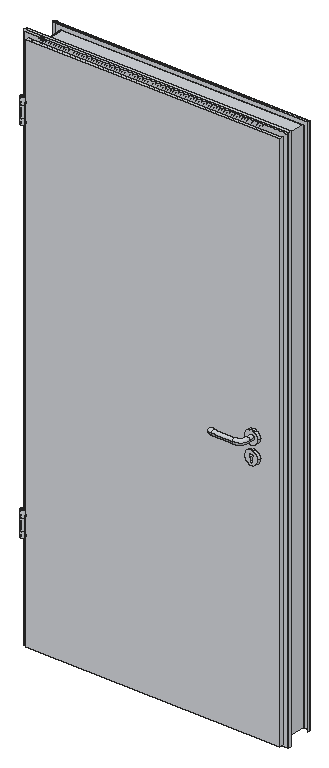
Revit family "BOS-Eckzarge-15ZUud_Familie", category Türen, Revit 2017 (continued)
Definition of nested family "BOS-Band-VX_Modell"
  Automatic sketch dimensions
    Extrusion 13 sketch curve to Extrusion 13 sketch curve = 0 mm  (x6)
    curve 1 to Extrusion 13 sketch curve = 0 mm  (x2)
    curve 1 to Extrusion 13 sketch curve = 46.34 mm
    Extrusion 13 sketch curve to Extrusion 13 sketch curve = 3.031 mm  (x2)
    Extrusion 13 sketch curve to Extrusion 13 sketch curve = 5.75 mm
    Extrusion 13 sketch curve to Extrusion 13 sketch curve = 1.346 mm
    Extrusion 13 sketch curve to Extrusion 13 sketch curve = 0.548 mm
    Extrusion 13 sketch curve to Extrusion 13 sketch curve = 1.017 mm
    Extrusion 13 sketch curve to Extrusion 13 sketch curve = 3.25 mm
    Extrusion 13 sketch curve to Extrusion 13 sketch curve = 1.75 mm
    radius of Sweep 1 sketch curve = 6.5 mm
Definition of nested family "BOS-BOS_Modell"
  Parameters (values of type "BOS-BOS_Modell")
    Abstand = 22 mm
  Reference planes
    plane 1 "Mitte (Vorne/hinten)": y = 0
    plane 2: z = 0
    plane 3 "Mitte (Links/rechts)": x = 0
    plane 4 "BOS": x = -22
  Dimensions and locks
    "Abstand": plane 4 "BOS" to plane 3 "Mitte (Links/rechts)"
    aligned and locked: level to plane 2
    aligned and locked: plane 1 "Mitte (Vorne/hinten)" to text3d elem
    aligned and locked: text3d elem to level
Definition of nested family "BOS-Nivellieranker_Detail"
  Parameters (values of type "BOS-Nivellieranker_Detail")
    Unterfütterungsstärke = 0 mm
    URL = "www.BestOfSteel.de"
    Stumpf-Gefälzt = if(Gefälzt, 28 mm, 46 mm)  # 28 mm
    Stumpf = no
    Schraubenabstand vorne = 17 mm
    Schraubenabstand hinten = 21 mm
    Rechtliche Hinweise = "www.BestOfSteel.de/tools-downloads/bim-building-information-modeling/"
    Putzwinkel vorne = 15 mm
    Nivellierankerlänge = if(GT Gesamttiefe > 119 mm, 80 mm + (Ankergröße * 25 mm), 87 mm)  # 205 mm
    MW Maulweite = 200 mm
    Manufacturer = "BOS GmbH Best Of Steel, Lütkenfelde 4, D-48282 Emsdetten"
    Gefälzt = yes
    GT Gesamttiefe = 230 mm
    Falzaufschlag gesamt = 15 mm
    Einfügepunkt = 22 mm
    Blechstärke = 1.5 mm
    Description = "Nivellieranker"
    Keynote = "BOS Detail"
    BOS-Architekten-Beratung = "Tel.: +49 (0) 2572 203-203; E-Mail: architekten@BestOfSteel.de\r\nTel.: +49 (0) 2572 203-203, Fax -209; E-Mail: architekten@BestOfSteel.de\r\nTel.: +49 (0) 2572 203-203, Fax -209; E-Mail: architekten@BestOfSteel.de"
    Ankergröße = rounddown((GT Gesamttiefe - 95 mm) / 25 mm)  # 5
    Technische Infos rund um die Stahlzarge = "www.BestOfSteel.de/tools-downloads/technische-infos-rund-um-die-stahlzarge/"
    Abstand vorne = 0 mm
    Abstand hinten = 0 mm
  Reference planes
    plane 1: z = 0
    plane 2: x = 0
    plane 3: x = 35.5
    plane 4: y = 193.247
    plane 5: y = 3.247
    plane 6: y = 16.747
    plane 7: y = 216.747
    plane 8: x = 20.5
    plane 9: y = 1.747
    plane 10: x = 37
    plane 11: x = 22
    plane 12: y = 48.247
    plane 13: y = 187.247
    plane 14: y = 208.247
    plane 15: y = 3.247
    plane 16: x = 8.5
    plane 17: y = 31.247
    plane 18: x = 2
    plane 19: y = 52.247
    plane 20: y = 44.247
    plane 21: y = 183.247
    plane 22: y = 191.247
    plane 23: x = 33.5
    plane 24: x = 0
    plane 25: y = 109.247
  Lines and regions (mm)
    detail lines, in view "Ref.-Ebene", not visible
      curve 1: arc (191, 231, 0) -> (192, 230, 0) -> (193, 231, 0) r 1
      curve 2: arc (193, 244, 0) -> (192, 245, 0) -> (191, 244, 0) r 1
      curve 3: line (193, 231, 0) -> (193, 244, 0)
      curve 4: line (191, 244, 0) -> (191, 231, 0)
      curve 11: line (234.876, 339.411, 0) -> (233.447, 342.424, 0)
      curve 12: line (233.447, 342.424, 0) -> (235.255, 343.281, 0)
      curve 13: line (235.255, 343.281, 0) -> (236.876, 339.862, 0)
      curve 14: line (236.876, 327.281, 0) -> (238.976, 327.281, 0)
      curve 15: line (238.976, 327.281, 0) -> (238.976, 328.281, 0)
      curve 16: line (236.876, 343.285, 0) -> (236.876, 327.281, 0)
    reference lines, in view "Ref.-Ebene", not visible
      curve 5: line (187.644, 237.5, 0) -> (197.644, 237.5, 0)
      curve 30: line (234.876, 339.411, 0) -> (234.876, 327.411, 0)
      curve 31: line (236.876, 343.285, 0) -> (241.876, 343.285, 0)
    detail lines, in view "Ref.-Ebene"
      curve 6: arc (0, 180.747, 0) -> (1, 179.747, 0) -> (2, 180.747, 0) r 1
      curve 7: arc (2, 193.747, 0) -> (1, 194.747, 0) -> (0, 193.747, 0) r 1
      curve 8: line (2, 180.747, 0) -> (2, 193.747, 0)
      curve 9: line (0, 193.747, 0) -> (0, 180.747, 0)
      curve 17: arc (0, 41.747, 0) -> (1, 40.747, 0) -> (2, 41.747, 0) r 1
      curve 18: arc (2, 54.747, 0) -> (1, 55.747, 0) -> (0, 54.747, 0) r 1
      curve 19: line (2, 41.747, 0) -> (2, 54.747, 0)
      curve 20: line (0, 54.747, 0) -> (0, 41.747, 0)
      curve 22: line (8.5, 204.373, 0) -> (7.072, 207.386, 0)
      curve 23: line (7.072, 207.386, 0) -> (8.879, 208.243, 0)
      curve 24: line (8.879, 208.243, 0) -> (10.5, 204.823, 0)
      curve 25: line (10.5, 192.243, 0) -> (12.6, 192.243, 0)
      curve 26: line (12.6, 192.243, 0) -> (12.6, 193.243, 0)
      curve 27: line (10.5, 208.247, 0) -> (10.5, 192.243, 0)
      curve 32: line (2, 191.247, 0) -> (8.5, 191.247, 0)
      curve 33: line (2, 183.247, 0) -> (8.5, 183.247, 0)
      curve 34: line (8.5, 52.247, 0) -> (2, 52.247, 0)
      curve 35: line (2, 44.247, 0) -> (8.5, 44.247, 0)
      curve 36: arc (18.158, 31.008, 0) -> (17.681, 31.374, 0) -> (17.5, 31.947, 0) r 1
      curve 37: arc (17.474, 29.128, 0) -> (16.043, 30.227, 0) -> (15.5, 31.947, 0) r 3
      curve 38: arc (18.526, 30.874, 0) -> (19.957, 29.775, 0) -> (20.5, 28.055, 0) r 3
      curve 39: arc (17.842, 28.994, 0) -> (18.319, 28.628, 0) -> (18.5, 28.055, 0) r 1
      curve 40: line (17.5, 31.947, 0) -> (17.5, 193.247, 0)
      curve 41: line (20.5, 28.055, 0) -> (20.5, 5.247, 0)
      curve 42: line (20.5, 5.247, 0) -> (10.5, 5.247, 0)
      curve 43: line (10.5, 5.247, 0) -> (10.5, 3.247, 0)
      curve 44: line (10.5, 3.247, 0) -> (8.5, 3.247, 0)
      curve 45: line (8.5, 3.247, 0) -> (8.5, 204.377, 0)
      curve 46: line (15.5, 193.247, 0) -> (15.5, 31.947, 0)
      curve 47: line (18.5, 5.247, 0) -> (18.5, 28.055, 0)
      curve 48: line (18.526, 30.874, 0) -> (18.158, 31.008, 0)
      curve 49: line (17.842, 28.994, 0) -> (17.474, 29.128, 0)
      curve 50: line (10.5, 208.247, 0) -> (35.5, 208.247, 0)
      curve 51: line (35.5, 193.247, 0) -> (10.5, 193.247, 0)
      curve 52: line (35.5, 208.247, 0) -> (35.5, 193.247, 0)
      curve 53: line (33.5, 193.247, 0) -> (33.5, 208.247, 0)
    reference lines, in view "Ref.-Ebene"
      curve 10: line (-3.356, 187.247, 0) -> (6.644, 187.247, 0)
      curve 21: line (-3.356, 48.247, 0) -> (6.644, 48.247, 0)
      curve 28: line (8.5, 204.373, 0) -> (8.5, 192.373, 0)
      curve 29: line (10.5, 208.247, 0) -> (15.5, 208.247, 0)
  Dimensions and locks
    "Blechstärke": plane 5 to plane 9
    "Putzwinkel vorne": plane 6 to plane 9
    "Blechstärke": plane 8 to plane 11
    "Einfügepunkt": plane 2 to plane 11
    "Blechstärke": plane 3 to plane 10
    "Falzaufschlag gesamt": plane 11 to plane 10
    locked: plane 4 to plane 14 at 15
    "Abstand vorne": plane 15 to plane 5
    plane 16 to plane 8 = 12 mm
    "Stumpf-Gefälzt": plane 17 to plane 15
    plane 19 to plane 20 = 8 mm
    locked: plane 21 to plane 22 at 8
    equal spacing: plane 19, plane 12, plane 20
    equal spacing: plane 21, plane 13, plane 22
    plane 23 to plane 3 = 2 mm
    "Schraubenabstand hinten": plane 14 to plane 13
    "Nivellierankerlänge": plane 14 to plane 15
    "Schraubenabstand vorne": plane 12 to plane 17
    plane 24 to plane 18 = 2 mm
    "Unterfütterungsstärke": plane 2 to plane 24
    equal spacing: plane 9, plane 25, plane 7
    "MW Maulweite": plane 6 to plane 7
    aligned and locked: curve 21 to plane 12
    aligned and locked: curve 10 to plane 13
    aligned and locked: plane 16 to curve 28
    aligned and locked: curve 29 to plane 14
    aligned and locked: plane 24 to curve 20
    aligned and locked: plane 24 to curve 9
  Automatic sketch dimensions
    curve 1 to curve 1 = 1 mm
    curve 1 to curve 3 = 13 mm
    curve 5 to curve 5 = 10 mm
    curve 6 to curve 6 = 1 mm
    curve 6 to curve 8 = 13 mm
    curve 10 to curve 10 = 10 mm
    curve 17 to curve 17 = 1 mm
    curve 17 to curve 19 = 13 mm
    curve 21 to curve 21 = 10 mm
    curve 22 to curve 23 = 1.807 mm
    curve 22 to curve 27 = 3.428 mm
    curve 25 to curve 26 = 2.1 mm
    curve 25 to curve 23 = 15.143 mm
    curve 22 to curve 23 = 0.857 mm
    curve 22 to curve 24 = 2 mm
    curve 25 to curve 26 = 1 mm
    curve 23 to curve 27 = 0.004 mm
    curve 11 to curve 12 = 1.807 mm
    curve 11 to curve 16 = 3.428 mm
    curve 14 to curve 15 = 2.1 mm
    curve 14 to curve 12 = 15.143 mm
    curve 11 to curve 12 = 0.857 mm
    curve 11 to curve 13 = 2 mm
    curve 14 to curve 15 = 1 mm
    curve 12 to curve 16 = 0.004 mm
    curve 28 to curve 29 = 2 mm
    curve 29 to curve 29 = 5 mm
    curve 28 to curve 28 = 12 mm
    curve 28 to curve 29 = 3.874 mm
    curve 30 to curve 31 = 2 mm
    curve 31 to curve 31 = 5 mm
    curve 30 to curve 30 = 12 mm
    curve 30 to curve 31 = 3.874 mm
    curve 35 to plane 18 = 0 mm
    curve 34 to plane 18 = 0 mm
    curve 33 to plane 18 = 0 mm
    curve 32 to plane 18 = 0 mm
    curve 33 to plane 16 = 0 mm
    curve 35 to plane 20 = 0 mm
    curve 34 to plane 19 = 0 mm
    curve 33 to plane 21 = 0 mm
    plane 22 to curve 32 = 0 mm
    curve 36 to curve 37 = 0 mm  (x2)
    curve 38 to curve 39 = 0 mm  (x2)
    curve 43 to plane 15 = 0 mm
    curve 40 to plane 4 = 0 mm
    curve 38 to plane 8 = 0 mm
    curve 53 to plane 23 = 0 mm
    curve 51 to plane 3 = 0 mm
    curve 53 to plane 14 = 0 mm
    plane 8 to curve 39 = 3 mm
    plane 17 to curve 36 = 0.7 mm
    plane 8 to curve 36 = 2 mm
    curve 39 to plane 17 = 3.193 mm
    curve 50 to plane 16 = 2 mm
    curve 44 to curve 44 = 2 mm
    curve 51 to plane 16 = 2 mm
    curve 51 to curve 46 = 5 mm
    curve 49 to curve 38 = 0.026 mm
    curve 46 to curve 40 = 2 mm
    curve 49 to curve 39 = 0.368 mm
    curve 48 to plane 17 = 0.239 mm
    plane 8 to curve 47 = 2 mm
    curve 38 to plane 17 = 0.373 mm
    plane 15 to curve 42 = 2 mm
    curve 45 to plane 14 = 3.87 mm
Definition of nested family "BOS-Info-Texte_Beschriftung"
  Parameters (values of type "Drehpunkt Warnung")
    Unten = no
    Schwarz = yes
    Rot = no
    Oben = yes
    Info-Text En unten = "Kein Text"
    Info-Text De unten = "Kein Text"
    Info-Text En oben = "Die Lage des Drehpunktes des Türblattes ist ungenau!\r\nBitte mit dem Bandhersteller abstimmen."
    Englisch unten rot = and(and(Unten, Englisch), Rot)  # no
    Englisch unten schwarz = and(and(Unten, Englisch), Schwarz)  # no
    Englisch oben rot = and(and(Oben, Englisch), Rot)  # no
    Englisch oben schwarz = and(and(Oben, Englisch), Schwarz)  # no
    Info-Text De oben = "Der tatsächliche Drehpunkt des Türblattes\r\nkann von der Darstellung abweichen!"
    Warndreieck = no
    Fehlerkreis = no
    Englisch = no
    Deutsch unten rot = and(and(Unten, Deutsch), Rot)  # no
    Deutsch unten schwarz = and(and(Unten, Deutsch), Schwarz)  # no
    Deutsch oben rot = and(and(Oben, Deutsch), Rot)  # no
    Deutsch oben schwarz = and(and(Oben, Deutsch), Schwarz)  # yes
    Deutsch = not(Englisch)  # yes
    Ausrufezeichen = "!"
  Types (12, lengths in mm): name | Unten | Schwarz | Rot | Oben | Info-Text En unten | Info-Text De unten | Info-Text En oben | Info-Text De oben | Warndreieck | Fehlerkreis | Deutsch unten schwarz | Deutsch oben rot | Deutsch oben schwarz
    Rechtliche Hinweise | no | yes | no | yes | "Kein Text" | "Kein Text" | "In accordance with the protection note according to DIN 34, the ownership and copyrights are reserved!\r\n© 2016 BOS GmbH, Emsdetten, Germany -\r\nObserve the ISO 16016 protective label (see ID data)!\r\n\r\nSubject to technical change!" | "Entsprechend dem Schutzvermerk nach DIN 34 behalten wir uns Eigentum und Urheberrecht vor!\r\n© 2016 BOS GmbH, Emsdetten, Deutschland -\r\nSchutzvermerk ISO 16016 beachten (siehe ID-Daten)!\r\n\r\nTechnische Änderungen vorbehalten!" | no | no | no | no | yes
    Maulweite Fehlermeldung | no | yes | no | yes | "Kein Text" | "Kein Text" | "Check the wall thickness!" | "Wandstärke prüfen!" | no | yes | no | no | yes
    Verstellbereich | no | yes | no | yes | "Kein Text" | "Kein Text" | "Adjustment area from -5 to +15mm,\r\nother adjustment areas possible" | "Verstellbereich von -5 bis +15mm\r\nanderer Verstellbereich möglich" | no | no | no | no | yes
    Verstellbereich wSvdW | no | yes | no | yes | "Kein Text" | "Kein Text" | "Adjustment area in the soffit from -2 to +15mm,\r\nother adjustment areas possible" | "Verstellbereich in der Zargenleibung von -2 bis +15mm\r\nanderer Verstellbereich möglich" | no | no | no | no | yes
    Wandartauswahl 15Nz15Z | no | yes | no | yes | "Kein Text" | "Kein Text" | "Attention for stud walls: underlay from site required!\r\nFor DIN door leaves, select larger structural wall measurements.\r\nFor selection \"stud walls\":\r\nsee 'Features' (remove tick for brick walls)" | "Achtung bei Ständerwerk: bauseitige Unterfütterung erforderlich!\r\nBei DIN-Türblatt Rohbaumaße größer wählen.\r\nFür Auswahl \"Ständerwerk\": \r\nsiehe 'Eigenschaften' (Häkchen entfernen bei Mauerwerk)." | no | no | no | no | yes
    Technische Hinweise | no | yes | no | yes | "Kein Text" | "Kein Text" | "Due to manufacturing reasons this Revit family may not be changed\r\nwithout consulting BOS!\r\n\r\nDo not mirror frames (door list)!\r\nsee ‘Features’: DIN left / DIN right\r\n\r\nThe solid and stud walls or, for example, their profiles,\r\nmust be designed so that they can reliably and sustainably\r\nabsorb the static and dynamic forces resulting\r\nfrom the load on the door element used." | "Diese Revit-Familie darf aus fertigungstechnischen Gründen\r\nnicht ohne Rücksprache mit BOS abgeändert werden!\r\n\r\nZargen nicht spiegeln (Türliste)!\r\nsiehe 'Eigenschaften': DIN links / DIN rechts\r\n\r\nDie Massiv- und Ständerwerkswände bzw. deren Profile\r\nmüssen so ausgebildet sein, dass sie die statischen\r\nund dynamischen Kräfte, welche sich aus der Belastung\r\nder verwendeten Türelements ergeben, zuverlässig\r\nund nachhaltig aufnehmen können." | no | no | no | no | yes
    Drückerhöhe Warnung | yes | yes | no | no | "Please take the handle depth/height and/or DIN opening direction into account" | "Drückertiefen/-höhen und/oder DIN Richtungen beachten/anpassen!" | "Kein Text" | "Kein Text" | yes | no | yes | no | no
    Maulweite-Dehnungsfuge Fehlermeldung | no | yes | no | yes | "Kein Text" | "Kein Text" | "Check the wall thickness and/or expansion joint!" | "Wandstärke und/oder Dehnungsfuge prüfen!" | no | yes | no | no | yes
    Technische Hinweise Norm | no | yes | no | yes | "Kein Text" | "Kein Text" | "Due to manufacturing reasons this Revit family may not be changed\r\nwithout consulting BOS!\r\n\r\nThe solid and stud walls or, for example, their profiles,\r\nmust be designed so that they can reliably and sustainably\r\nabsorb the static and dynamic forces resulting\r\nfrom the load on the door element used." | "Diese Revit-Familie darf aus fertigungstechnischen Gründen\r\nnicht ohne Rücksprache mit BOS abgeändert werden!\r\n\r\nDie Massiv- und Ständerwerkswände bzw. deren Profile\r\nmüssen so ausgebildet sein, dass sie die statischen\r\nund dynamischen Kräfte, welche sich aus der Belastung\r\nder verwendeten Türelements ergeben, zuverlässig\r\nund nachhaltig aufnehmen können." | no | no | no | no | yes
    Maßauswahl | no | no | yes | yes | "Kein Text" | "Kein Text" | "To choose  Rebate Width/Height Measurement, Receiving Opening\r\nsee 'Features'" | "Auswahl von FMB, FMH, MW\r\nunter 'Eigenschaften'" | no | no | no | yes | no
    Rohbaumaß Warnung | no | yes | no | yes | "Kein Text" | "Kein Text" | "For DIN door leaves, select larger structural wall measurements!\r\nWhen changing the architrave widths, the structural measurements change accordingly." | "Bei DIN-Türblatt Rohbaumaße größer wählen!\r\nBei Änderung der Spiegelbreiten, Rohbaumaße beachten." | no | no | no | no | yes
    Drehpunkt Warnung | no | yes | no | yes | "Kein Text" | "Kein Text" | "Die Lage des Drehpunktes des Türblattes ist ungenau!\r\nBitte mit dem Bandhersteller abstimmen." | "Der tatsächliche Drehpunkt des Türblattes\r\nkann von der Darstellung abweichen!" | no | no | no | no | yes
  Reference planes
    plane 1: y = 0.955
    plane 2: x = 0
  Lines and regions (mm)
    Filled region 1, type "Gefüllter Bereich Gelb", visible <- "Warndreieck"
      outline origin (-7.188, 1.747, 0) x (1, 0, 0) y (0, 1, 0)
        loop
          line (5.951, -3.033) -> (8.413, -3.033) -> (7.182, -0.9) -> (5.951, -3.033)
    Filled region 2, type "Gefüllter Bereich Rot", visible <- "Fehlerkreis"
      outline origin (0, -3.763, 0) x (1, 0, 0) y (0, 1, 0)
        loop
          circle (0, 3.1) r 1.5
        loop
          line (-0.937, 3.486) -> (-0.937, 2.686) -> (1.023, 2.686) -> (1.023, 3.486) -> (-0.937, 3.486)
    Filled region 3, type "Gefüllter Bereich Weiss", visible <- "Fehlerkreis"
      outline origin (-7.014, -2.062, 0) x (1, 0, 0) y (0, 1, 0)
        loop
          line (6.077, 1.785) -> (6.077, 0.985) -> (8.038, 0.985) -> (8.038, 1.785) -> (6.077, 1.785)
  Text (mm)
    label "Info-Text De oben schwarz" at (0.065, 1.415, 0), shows "Info-Text De oben", visible <- "Deutsch oben schwarz"
    label "!" at (0.065, -0.414, 0), shows "Ausrufezeichen", visible <- "Warndreieck"
    label "Info-Text En oben schwarz" at (0.065, 1.415, 0), shows "Info-Text En oben", visible <- "Englisch oben schwarz"
    label "Info-Text De unten schwarz" at (0.218, -2.468, 0), shows "Info-Text De unten", visible <- "Deutsch unten schwarz"
    label "Info-Text En unten schwarz" at (0.065, -2.419, 0), shows "Info-Text En unten", visible <- "Englisch unten schwarz"
    label "Info-Text En oben rot" at (0.065, 1.415, 0), shows "Info-Text En oben", visible <- "Englisch oben rot"
    label "Info-Text En unten rot" at (0.065, -2.419, 0), shows "Info-Text En unten", visible <- "Englisch unten rot"
    label "Info-Text De unten rot" at (0.065, -2.419, 0), shows "Info-Text De unten", visible <- "Deutsch unten rot"
    label "Info-Text De oben rot" at (-0.371, 1.396, 0), shows "Info-Text De oben", visible <- "Deutsch oben rot"
Definition of nested family "BOS-Logo_Modell"
  Parameters (values of type "BOS-Logo_Modell")
    URL = "www.BestOfSteel.de"
    Rechtliche Hinweise = "www.BestOfSteel.de/tools-downloads/bim-building-information-modeling/"
    Description = "BOS Logo"
    Keynote = "BOS Logo"
    BOS-Architekten-Beratung = "Tel.: +49 (0) 2572 203-203; E-Mail: architekten@BestOfSteel.de"
    Technische Infos rund um die Stahlzarge = "www.BestOfSteel.de/tools-downloads/technische-infos-rund-um-die-stahlzarge/"
    Abstand vertikal = 10 mm
    Abstand horizontal = 15 mm
  Reference planes
    plane 1: y = 0
    plane 2: z = 0
    plane 3: x = 0
    plane 4: x = -7
    plane 5: x = 7
    plane 6: y = 8.299
    plane 7: x = 15
    plane 8: y = 4.15
    plane 9: x = -15
    plane 10: y = 14.15
    plane 11: y = -5.85
  Dimensions and locks
    plane 4 to plane 3 to plane 5 = 7 mm, 7 mm
    "Abstand vertikal": plane 11 to plane 8 to plane 10
    plane 6 to plane 8 to plane 1 = 4.15 mm, 4.15 mm
    "Abstand horizontal": plane 9 to plane 3
    "Abstand horizontal": plane 3 to plane 7
    aligned and locked: level to plane 2
Types (4, lengths in mm): name | Wandstärke min. | Leibungstiefe min. | Leibungstiefe max. | Leibungstiefe   Soffit Depth | Leibungstiefe | GT min. | Türblattversatz vertikal | Türblattversatz  horizontal | Türblattabstand 1 | Stumpf | LDH Lichte Durchgangs Höhe   Clearance Height | LDB Lichte Durchgangs Breite   Clearance Width | Gefälzt | Türblattstärke 3 | Türblattstärke 2 | Türblattstärke 1 | Türblattstärke | MW min. | MW max. | GT max. | GT Gesamttiefe | Falztiefe gesamt | Falztiefe | Falzaufschlag gesamt | Doppelfalz | Einfachfalz | Dichtungsversatz vertikal 2 | Dichtungsversatz vertikal 1 | Dichtung 2 | Drehpunktposition vertikal | Drehpunktposition horizontal | Drehpunktabstand (FM) horizontal | Drehpunktabstand (SP) vertikal | Bänder - Auswahl | 15ZUsFd | 15ZUuFd | Modell | MW Maulweite   Receiving Opening | GT Gesamttiefe_Zarge   Total Profile Depth | 15ZUud | 15ZUsd | Beschreibung
  15ZUud | 129.5 | 76 | 290.5 | 76 | 76 | 104.5 | -3.5 | 11.5 | 1.5 | no | 2093 | 936 | yes | 0 | 25.5 | 14.5 | 40 | 79.5 | 294 | 319 | 129.5 | 28.5 | 28.5 | 15 | no | yes | 48.5 | 23.5 | no | 127.5 | 1504 | 21 | 12.5 | "3D Bänder gefälzt, Bandaufnahmen BVX11000" | no | no | "15ZUud" | 104.5 | 129.5 | yes | no | "2-schalige Eckzarge, gefälzt"
  15ZUuFd | 130.5 | 52 | 265.5 | 52 | 52 | 105.5 | -3.5 | 11.5 | 1.5 | no | 2078 | 906 | yes | 25 | 25.5 | 14.5 | 65 | 80.5 | 294 | 319 | 130.5 | 53.5 | 28.5 | 30 | yes | no | 48.5 | 23.5 | yes | 127.5 | 1504 | 21 | 12.5 | "3D Bänder gefälzt, Bandaufnahmen BVX11000" | no | yes | "15ZUuFd" | 105.5 | 130.5 | no | no | "2-schalige Eckzarge, gefälzt, mit Doppelfalz"
  15ZUsd | 145.5 | 74 | 297.5 | 74 | 74 | 120.5 | 15.5 | 6 | -2 | yes | 2093 | 936 | no | 0 | 40 | 0 | 40 | 95.5 | 319 | 344 | 145.5 | 46.5 | 46.5 | 15 | no | yes | 66.5 | 41.5 | no | 128.5 | 1485.5 | 2.5 | 13.5 | "3D Bänder stumpf, Bandaufnahmen BVX11000" | no | no | "15ZUsd" | 120.5 | 145.5 | no | yes | "2-schalige Eckzarge, stumpf"
  15ZUsFd | 145.5 | 49 | 272.5 | 49 | 49 | 120.5 | 15.5 | 6 | -2 | yes | 2078 | 906 | no | 25 | 40 | 0 | 65 | 95.5 | 319 | 344 | 145.5 | 71.5 | 46.5 | 30 | yes | no | 66.5 | 41.5 | yes | 128.5 | 1485.5 | 2.5 | 13.5 | "3D Bänder stumpf, Bandaufnahmen BVX11000" | yes | no | "15ZUsFd" | 120.5 | 145.5 | no | no | "2-schalige Eckzarge, stumpf, mit Doppelfalz"
